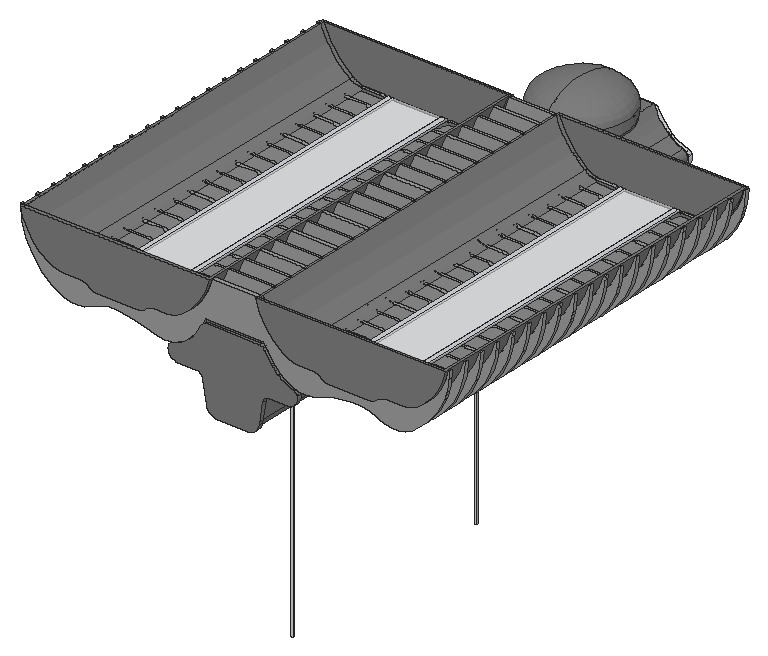
Revit family "0039273 Feilo Sylvania Lighting Fixtures SYLBAY LED 4000K 18-5KLM WIDE 1-10V PIR", category Lighting Fixtures, host Face, Revit 2017 (continued)
Definition of nested family "SylbayBody"
  Definition of nested family "SlybayRib"
    Forms (mm)
      Extrusion 2, solid, material <- "BodyMaterial"
        sketch origin (0, 0, 0) x (1, 0, 0) y (0, 0, 1)
          loop
            line (117.917, -43.728) -> (84.583, -43.728)
            arc (84.583, -43.728) -> (81.421, -43.215) -> (78.583, -41.728) r 10
            line (78.583, -41.728) -> (75.917, -39.728)
            arc (75.917, -39.728) -> (73.079, -38.242) -> (69.917, -37.728) r 10
            line (69.917, -37.728) -> (58.25, -37.728)
            arc (58.25, -37.728) -> (51.55, -36.705) -> (45.461, -33.728) r 22.443
            arc (45.461, -33.728) -> (30.027, -18.905) -> (20, 0) r 67.602
            line (20, 0) -> (-20, 0)
            arc (-20, 0) -> (-30.027, -18.905) -> (-45.461, -33.728) r 67.602
            arc (-45.461, -33.728) -> (-51.55, -36.705) -> (-58.25, -37.728) r 22.443
            line (-58.25, -37.728) -> (-69.917, -37.728)
            arc (-69.917, -37.728) -> (-73.079, -38.242) -> (-75.917, -39.728) r 10
            line (-75.917, -39.728) -> (-78.583, -41.728)
            arc (-78.583, -41.728) -> (-81.421, -43.215) -> (-84.583, -43.728) r 10
            line (-84.583, -43.728) -> (-117.917, -43.728)
            arc (-117.917, -43.728) -> (-121.079, -43.215) -> (-123.917, -41.728) r 10
            line (-123.917, -41.728) -> (-126.583, -39.728)
            arc (-126.583, -39.728) -> (-129.421, -38.242) -> (-132.583, -37.728) r 10
            line (-132.583, -37.728) -> (-145.75, -37.728)
            arc (-145.75, -37.728) -> (-153.193, -36.71) -> (-160.088, -33.728) r 27.697
            arc (-160.088, -33.728) -> (-176.046, -19.314) -> (-185.5, 0) r 56.788
            line (-185.5, 0) -> (-187.5, 0)
        from 1.25 <- "RibExtrusionStart_FEILO" to -1.25 <- "RibExtrusionEnd_FEILO"
    Dimensions and locks
      equal spacing: plane 5, plane 3 "Center (Left/Right)", plane 4
      locked: plane 5 to plane 4 at 375
      locked: plane 6 to plane 7 at 62.478
      locked: plane 6 to plane 8 at 53.728
      equal spacing: plane 10, plane 3 "Center (Left/Right)", plane 9
      plane 3 "Center (Left/Right)" to plane 9 = 102.75 mm
      locked: plane 6 to plane 11 at 33.728
      equal spacing: plane 13, plane 9, plane 12
      locked: plane 14 to plane 8 at 10
      equal spacing: plane 16, plane 9, plane 15
      locked: plane 9 to plane 15 at 20
      locked: plane 17 to plane 14 at 6
      equal spacing: plane 19, plane 9, plane 18
      locked: plane 15 to plane 18 at 8
      equal spacing: plane 21, plane 9, plane 20
      locked: plane 18 to plane 20 at 15
      locked: plane 13 to plane 22 at 5.3
      locked: plane 3 "Center (Left/Right)" to Extrusion 2 sketch curve at 83.982  (x2)
      locked: plane 3 "Center (Left/Right)" to Extrusion 2 sketch curve at 79.005  (x2)
      locked: plane 3 "Center (Left/Right)" to Extrusion 2 sketch curve at 119.907  (x2)
      locked: plane 3 "Center (Left/Right)" to Extrusion 2 sketch curve at 61.405  (x2)
      locked: plane 3 "Center (Left/Right)" to Extrusion 2 sketch curve at 138.973  (x2)
      locked: plane 3 "Center (Left/Right)" to Extrusion 2 sketch curve at 84.583  (x2)
      locked: plane 3 "Center (Left/Right)" to Extrusion 2 sketch curve at 117.917  (x2)
      locked: plane 3 "Center (Left/Right)" to Extrusion 2 sketch curve at 132.583  (x2)
      locked: plane 3 "Center (Left/Right)" to Extrusion 2 sketch curve at 69.917  (x2)
      locked: Extrusion 2 sketch curve to plane 6 at 21.825  (x2)
      locked: Extrusion 2 sketch curve to plane 6 at 0.822  (x2)
      locked: plane 6 to Extrusion 2 sketch curve at 10.994  (x2)
      locked: plane 6 to Extrusion 2 sketch curve at 15.285  (x2)
      locked: plane 6 to Extrusion 2 sketch curve at 31.076  (x2)
      locked: plane 6 to Extrusion 2 sketch curve at 33.728  (x4)
      locked: plane 6 to Extrusion 2 sketch curve at 29.917  (x2)
      locked: plane 6 to Extrusion 2 sketch curve at 47.728  (x4)
      locked: plane 6 to Extrusion 2 sketch curve at 100.413  (x2)
      locked: plane 6 to Extrusion 2 sketch curve at 141.419  (x2)
      locked: plane 3 "Center (Left/Right)" to Extrusion 2 sketch curve at 106.788  (x2)
      locked: plane 3 "Center (Left/Right)" to Extrusion 2 sketch curve at 104.198  (x2)
      locked: plane 3 "Center (Left/Right)" to Extrusion 2 sketch curve at 130.69  (x2)
      locked: Extrusion 2 sketch curve to plane 6 at 14.858  (x2)
      locked: plane 6 to Extrusion 2 sketch curve at 10.032  (x2)
      locked: plane 3 "Center (Left/Right)" to Extrusion 2 sketch curve at 145.75  (x2)
      aligned and locked: plane 2 to Extrusion 1
      aligned and locked: level to Extrusion 1
      aligned and locked: plane 6 to Extrusion 2 sketch curve
      aligned and locked: plane 4 to Extrusion 2 sketch curve
      aligned and locked: plane 17 to Extrusion 2 sketch curve
      aligned and locked: plane 14 to Extrusion 2 sketch curve
      aligned and locked: Extrusion 2 sketch curve to plane 17
      aligned and locked: plane 8 to Extrusion 2 sketch curve  (x3)
      aligned and locked: plane 2 to plane 6
      aligned and locked: plane 20 to Extrusion 2 sketch curve
      aligned and locked: plane 11 to Extrusion 2 sketch curve  (x2)
      aligned and locked: plane 12 to Extrusion 2 sketch curve
      aligned and locked: Extrusion 2 sketch curve to plane 6
      aligned and locked: Extrusion 2 sketch curve to level
      aligned and locked: Extrusion 2 sketch curve to plane 11
    Automatic sketch dimensions
      Extrusion 1 sketch curve to Extrusion 1 sketch curve = 2438.4 mm  (x2)
      Extrusion 2 sketch curve to plane 11 = 0 mm  (x6)
      Extrusion 2 sketch curve to plane 8 = 0 mm  (x7)
      Extrusion 2 sketch curve to plane 17 = 0 mm
      Extrusion 2 sketch curve to plane 5 = 0 mm
      Extrusion 2 sketch curve to plane 14 = 0 mm
      Extrusion 2 sketch curve to plane 17 = 2 mm  (x3)
      Extrusion 2 sketch curve to plane 15 = 1.167 mm
      plane 14 to Extrusion 2 sketch curve = 2 mm  (x3)
      Extrusion 2 sketch curve to plane 19 = 1.167 mm
Definition of nested family "SlybayRib"
  Parameters (values of type "SylbayRib")
    URL = "http://www.feilosylvania.com"
    Type Image = (empty or 0)
    Type Comments = "n/a"
    RibThickness_FEILO = 2.5 mm
    RibExtrusionStart_FEILO = RibThickness_FEILO / 2  # 1.25 mm
    RibExtrusionEnd_FEILO = -RibThickness_FEILO / 2  # -1.25 mm
    RibDistance_FEILO = 0 mm
    Model = ""
    Manufacturer = "Feilo Sylvania"
    Keynote = ""
    Description = "n/a"
    Default Elevation = 1219.2 mm
    Cost = 0
    BodyMaterial = none
    Assembly Code = ""
  Reference planes
    plane 1 "Center (Front/Back)": y = 0
    plane 2: z = 0
    plane 3 "Center (Left/Right)": x = 0
    plane 4: x = -187.5
    plane 5: x = 187.5
    plane 6: z = 0
    plane 7: z = -62.478
    plane 8: z = -53.728
    plane 9: x = -102.75
    plane 10: x = 102.75
    plane 11: z = -33.728
    plane 12: x = -185.5
    plane 13: x = -20
    plane 14: z = -43.728
    plane 15: x = -122.75
    plane 16: x = -82.75
    plane 17: z = -37.728
    plane 18: x = -130.75
    plane 19: x = -74.75
    plane 20: x = -145.75
    plane 21: x = -59.75
    plane 22: x = -25.3
  Forms (mm)
    Extrusion 1, solid
      sketch origin (4.2, 0, 0) x (1, 0, 0) y (0, 1, 0)
        loop
          line (-1219.2, 1219.2) -> (-1219.2, -1219.2) -> (1219.2, -1219.2) -> (1219.2, 1219.2) -> (-1219.2, 1219.2)
      from 0 to -304.8
    Extrusion 2, solid, material <- "BodyMaterial"
      sketch origin (0, 0, 0) x (1, 0, 0) y (0, 0, 1)
        loop
          arc (-187.5, 0) -> (-180.003, -30.129) -> (-159.829, -53.728) r 67.598
          arc (-159.829, -53.728) -> (-143.258, -61.567) -> (-125.169, -58.599) r 30.791
          arc (-125.169, -58.599) -> (-113.533, -54.576) -> (-101.25, -53.728) r 46.777
          arc (-101.25, -53.728) -> (-87.202, -55.765) -> (-73.664, -60.037) r 87.865
          arc (-73.664, -60.037) -> (-55.541, -61.903) -> (-39.258, -53.728) r 32.519
          arc (-39.258, -53.728) -> (-31.199, -44.469) -> (-25.254, -33.728) r 58.361
          line (-25.254, -33.728) -> (25.254, -33.728)
          arc (25.254, -33.728) -> (31.199, -44.469) -> (39.258, -53.728) r 58.361
          arc (39.258, -53.728) -> (55.541, -61.903) -> (73.664, -60.037) r 32.519
          arc (73.664, -60.037) -> (87.202, -55.765) -> (101.25, -53.728) r 87.865
          arc (101.25, -53.728) -> (113.533, -54.576) -> (125.169, -58.599) r 46.777
          arc (125.169, -58.599) -> (143.258, -61.567) -> (159.829, -53.728) r 30.791
          arc (159.829, -53.728) -> (180.003, -30.129) -> (187.5, 0) r 67.598
          line (187.5, 0) -> (185.5, 0)
          arc (185.5, 0) -> (176.046, -19.314) -> (160.088, -33.728) r 56.788
          arc (160.088, -33.728) -> (153.193, -36.71) -> (145.75, -37.728) r 27.697
          line (145.75, -37.728) -> (132.583, -37.728)
          arc (132.583, -37.728) -> (129.421, -38.242) -> (126.583, -39.728) r 10
          line (126.583, -39.728) -> (123.917, -41.728)
          arc (123.917, -41.728) -> (121.079, -43.215) -> (117.917, -43.728) r 10
          line (117.917, -43.728) -> (84.583, -43.728)
          arc (84.583, -43.728) -> (81.421, -43.215) -> (78.583, -41.728) r 10
          line (78.583, -41.728) -> (75.917, -39.728)
          arc (75.917, -39.728) -> (73.079, -38.242) -> (69.917, -37.728) r 10
          line (69.917, -37.728) -> (58.25, -37.728)
          arc (58.25, -37.728) -> (51.55, -36.705) -> (45.461, -33.728) r 22.443
          arc (45.461, -33.728) -> (30.027, -18.905) -> (20, 0) r 67.602
          line (20, 0) -> (-20, 0)
          arc (-20, 0) -> (-30.027, -18.905) -> (-45.461, -33.728) r 67.602
          arc (-45.461, -33.728) -> (-51.55, -36.705) -> (-58.25, -37.728) r 22.443
          line (-58.25, -37.728) -> (-69.917, -37.728)
          arc (-69.917, -37.728) -> (-73.079, -38.242) -> (-75.917, -39.728) r 10
          line (-75.917, -39.728) -> (-78.583, -41.728)
          arc (-78.583, -41.728) -> (-81.421, -43.215) -> (-84.583, -43.728) r 10
          line (-84.583, -43.728) -> (-117.917, -43.728)
          arc (-117.917, -43.728) -> (-121.079, -43.215) -> (-123.917, -41.728) r 10
          line (-123.917, -41.728) -> (-126.583, -39.728)
          arc (-126.583, -39.728) -> (-129.421, -38.242) -> (-132.583, -37.728) r 10
          line (-132.583, -37.728) -> (-145.75, -37.728)
          arc (-145.75, -37.728) -> (-153.193, -36.71) -> (-160.088, -33.728) r 27.697
          arc (-160.088, -33.728) -> (-176.046, -19.314) -> (-185.5, 0) r 56.788
          line (-185.5, 0) -> (-187.5, 0)
      from 1.25 <- "RibExtrusionStart_FEILO" to -1.25 <- "RibExtrusionEnd_FEILO"
  Dimensions and locks
    equal spacing: plane 5, plane 3 "Center (Left/Right)", plane 4
    locked: plane 5 to plane 4 at 375
    locked: plane 6 to plane 7 at 62.478
    locked: plane 6 to plane 8 at 53.728
    equal spacing: plane 10, plane 3 "Center (Left/Right)", plane 9
    plane 3 "Center (Left/Right)" to plane 9 = 102.75 mm
    locked: plane 6 to plane 11 at 33.728
    equal spacing: plane 13, plane 9, plane 12
    locked: plane 14 to plane 8 at 10
    equal spacing: plane 16, plane 9, plane 15
    locked: plane 9 to plane 15 at 20
    locked: plane 17 to plane 14 at 6
    equal spacing: plane 19, plane 9, plane 18
    locked: plane 15 to plane 18 at 8
    equal spacing: plane 21, plane 9, plane 20
    locked: plane 18 to plane 20 at 15
    locked: plane 13 to plane 22 at 5.3
    locked: plane 3 "Center (Left/Right)" to Extrusion 2 sketch curve at 83.982  (x2)
    locked: plane 3 "Center (Left/Right)" to Extrusion 2 sketch curve at 79.005  (x2)
    locked: plane 3 "Center (Left/Right)" to Extrusion 2 sketch curve at 119.907  (x2)
    locked: plane 3 "Center (Left/Right)" to Extrusion 2 sketch curve at 61.405  (x2)
    locked: plane 3 "Center (Left/Right)" to Extrusion 2 sketch curve at 138.973  (x2)
    locked: plane 3 "Center (Left/Right)" to Extrusion 2 sketch curve at 84.583  (x2)
    locked: plane 3 "Center (Left/Right)" to Extrusion 2 sketch curve at 117.917  (x2)
    locked: plane 3 "Center (Left/Right)" to Extrusion 2 sketch curve at 132.583  (x2)
    locked: plane 3 "Center (Left/Right)" to Extrusion 2 sketch curve at 69.917  (x2)
    locked: Extrusion 2 sketch curve to plane 6 at 21.825  (x2)
    locked: Extrusion 2 sketch curve to plane 6 at 0.822  (x2)
    locked: plane 6 to Extrusion 2 sketch curve at 10.994  (x2)
    locked: plane 6 to Extrusion 2 sketch curve at 15.285  (x2)
    locked: plane 6 to Extrusion 2 sketch curve at 31.076  (x2)
    locked: plane 6 to Extrusion 2 sketch curve at 33.728  (x4)
    locked: plane 6 to Extrusion 2 sketch curve at 29.917  (x2)
    locked: plane 6 to Extrusion 2 sketch curve at 47.728  (x4)
    locked: plane 6 to Extrusion 2 sketch curve at 100.413  (x2)
    locked: plane 6 to Extrusion 2 sketch curve at 141.419  (x2)
    locked: plane 3 "Center (Left/Right)" to Extrusion 2 sketch curve at 106.788  (x2)
    locked: plane 3 "Center (Left/Right)" to Extrusion 2 sketch curve at 104.198  (x2)
    locked: plane 3 "Center (Left/Right)" to Extrusion 2 sketch curve at 130.69  (x2)
    locked: Extrusion 2 sketch curve to plane 6 at 14.858  (x2)
    locked: plane 6 to Extrusion 2 sketch curve at 10.032  (x2)
    locked: plane 3 "Center (Left/Right)" to Extrusion 2 sketch curve at 145.75  (x2)
    aligned and locked: plane 2 to Extrusion 1
    aligned and locked: level to Extrusion 1
    aligned and locked: plane 6 to Extrusion 2 sketch curve
    aligned and locked: plane 4 to Extrusion 2 sketch curve
    aligned and locked: plane 17 to Extrusion 2 sketch curve
    aligned and locked: plane 14 to Extrusion 2 sketch curve
    aligned and locked: Extrusion 2 sketch curve to plane 17
    aligned and locked: plane 8 to Extrusion 2 sketch curve  (x3)
    aligned and locked: plane 2 to plane 6
    aligned and locked: plane 20 to Extrusion 2 sketch curve
    aligned and locked: plane 11 to Extrusion 2 sketch curve  (x2)
    aligned and locked: plane 12 to Extrusion 2 sketch curve
    aligned and locked: Extrusion 2 sketch curve to plane 6
    aligned and locked: Extrusion 2 sketch curve to level
    aligned and locked: Extrusion 2 sketch curve to plane 11
  Automatic sketch dimensions
    Extrusion 1 sketch curve to Extrusion 1 sketch curve = 2438.4 mm  (x2)
    Extrusion 2 sketch curve to plane 11 = 0 mm  (x6)
    Extrusion 2 sketch curve to plane 8 = 0 mm  (x7)
    Extrusion 2 sketch curve to plane 17 = 0 mm
    Extrusion 2 sketch curve to plane 5 = 0 mm
    Extrusion 2 sketch curve to plane 14 = 0 mm
    Extrusion 2 sketch curve to plane 17 = 2 mm  (x3)
    Extrusion 2 sketch curve to plane 15 = 1.167 mm
    plane 14 to Extrusion 2 sketch curve = 2 mm  (x3)
    Extrusion 2 sketch curve to plane 19 = 1.167 mm
